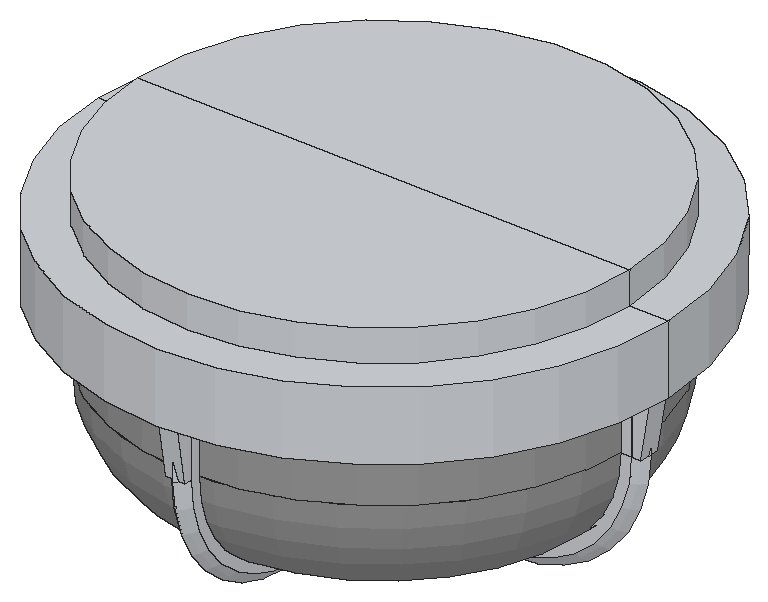
Revit family "O10-S290-X LED 900 AC 830 BL", category Lighting Fixtures, Revit 2016
Family settings
  Part Type = Normal
  Round Connector Dimension = Use Diameter
  OmniClass Number = 23.80.70.00
  OmniClass Title = Lighting
  Work Plane-Based = No
  Always vertical = Yes
  Cut with Voids When Loaded = No
  Light Source = Yes
  Shared = No
  Room Calculation Point = No
Parameters
  Wiring Accessories = ""
  Wattage Comments = ""
  Wattage = 12 W
  VoltageMax = 240 V
  built-in parameter 1150110 = 1 (stored number, unit not read)
  Voltage = 220 V
  UpdateDate = "05.02.2018 18:30:02"
  URL UK = "http://glamox.com/uk/products/O10-S290/items/O10213300"
  URL Sweden = "http://glamox.com/se/produkter/O10-S290/items/O10213300"
  URL Russia = "http://glamox.com/ru/products/O10-S290/items/O10213300"
  URL Other = "http://glamox.com/gsx/products/O10-S290/items/O10213300"
  URL Norway = "http://glamox.com/no/produkter/O10-S290/items/O10213300"
  URL Ireland = "http://glamox.com/ie/products/O10-S290/items/O10213300"
  URL Germany = "http://glamox.com/de/products/O10-S290/items/O10213300"
  URL Finland = "http://glamox.com/fi/products/O10-S290/items/O10213300"
  URL Estonia = "http://glamox.com/ee/products/O10-S290/items/O10213300"
  URL Denmark = "http://glamox.com/dk/produkter/O10-S290/items/O10213300"
  URL = ""
  TypeOfEmergency = ""
  TypeOfBallast = ""
  TotalWattage = 12 W
  Total Load = 12 W
  built-in parameter 1114217 = 1 (stored number, unit not read)
  Top Radius = Radius - 32.5 mm  # 112.5 mm
  Tilt Angle = 90.00°
  Termination = "5x2x2,5 PI"
  built-in parameter 1150109 = 1 (stored number, unit not read)
  built-in parameter 1150134 = (empty or 0)
  built-in parameter 1150113 = 1 (stored number, unit not read)
  Specification = "Outdoor product, in Aluminium, for Surface/Wall mounting, impact classification IK10, IP66, light source LED, lumen out 854lm, ballast type AC, with light source type CRI>80, 3000K, with Polycarbonate diffuser."
  Remark = ""
  RatedVoltage = 220 V
  PowerFactor = 98.00%
  Power Factor = 0.98
  Plug Type = ""
  Photometric Web File = "O10-S290-X-LED-900-830.ies"
  Optic = ""
  Number of Poles = 1
  NominalFrequencyRange = 50 Hz
  ModelReference = "O10-S290"
  ModelLabel = "O10-S290-X LED 900 AC 830 BL"
  Maximum TA = 40
  MaintenanceFactor = 0
  MFArtNo = "O10213300"
  LumDiameter = Diameter  # 290 mm
  Load Classification [instance] = Lighting
  Model = ""
  Manufacturer = "Glamox"
  Lumens = 854 lm
  built-in parameter 1150115 = 1 (stored number, unit not read)
  built-in parameter 1150105 = 67.959 (stored number, unit not read)
  LightFixturePlacingType = "CEILING"
  LightFixtureMountingType = "SURFACE"
  built-in parameter 1150137 = (empty or 0)
  built-in parameter 1150139 = (empty or 0)
  LampBase = ""
  Lamp Wattage Comments = ""
  built-in parameter 1150112 = 1 (stored number, unit not read)
  built-in parameter 1150114 = 1 (stored number, unit not read)
  Lamp = "LED"
  built-in parameter 1150132 = 2
  built-in parameter 1150102 = (empty or 0)
  built-in parameter 1150138 = (empty or 0)
  built-in parameter 1150107 = 3000 (stored number, unit not read)
  built-in parameter 1150106 = 0.67959 (stored number, unit not read)
  IP_Code = "66"
  IPClass = "66"
  IK_Code = ""
  IFC Classification = "Light Fixture"
  Height = 149 mm
  GlobalTradeItemNumber = "4741145295833"
  Glamox Mounting = "Surface"
  Glamox Family = "O10-S290"
  Glamox Category = "Outdoor"
  FrequencyMax = 60 Hz
  Frequency = 50 Hz
  Expired = "0"
  Emit from Circle Diameter = LumDiameter  # 290 mm
  Emit Shape Visible in Rendering = yes
  built-in parameter 1150104 = 6.6116 (stored number, unit not read)
  ELNo Norway = ""
  ELNo Finland = ""
  EANNo = "4741145295833"
  DurationInBatteryMode = ""
  Dimming Lamp Color Temperature Shift = Incandescent Lamp Curve
  Diameter = 290 mm
  Description = "O10-S290-X LED 900 AC 830 BL"
  Cut Out = ""
  Completion = ""
  Color Filter = 16777215
  Radius = Diameter / 2  # 145 mm
  Body Material and Colour = Default
  built-in parameter 1114218 = 1 (stored number, unit not read)
  built-in parameter 1150133 = 10 (stored number, unit not read)
  Assembly Code = ""
  ArticleNumber = "O10213300"
  Apparent Load = Total Load / Power Factor  # 12.2449 VA
  #Ballast = 1
  # ballast on a MCB16 type C fuse = "176"
  # ballast on a MCB16 type B fuse = "130"
Reference planes
  plane 1 "Light Source Axis (F/B)": y = 0.31
  plane 2: z = 0
  plane 3 "Light Source Axis (L/R)": x = 0
  plane 4 "Light Source Elevation": z = -150.079
  plane 5: z = -150.079
  plane 6: x = 145
  plane 7: x = 125
  plane 8: x = 0
  plane 9: y = 0.31
Forms (mm)
  Extrusion 1, solid, material "Default" <- "Body Material and Colour", not visible
    sketch origin (-13.045, 0, -1.079) x (1, 0, 0) y (0, 1, 0)
      loop
        circle (0, 0.31) r 10
    from -1.079 to 0
  Revolve 2, solid
    sketch origin (0, 0, -1.079) x (-1, 0, 0) y (0, 0, -1)
      loop
        arc (-66, 140.079) -> (-107.719, 122.798) -> (-125, 81.079) r 59
        line (-125, 81.079) -> (-125, 51.079) -> (-125, 48.126) -> (-140, 48.126) -> (-140, 51.079) -> (-145, 51.079) -> (-145, 16.079) -> (-125, 16.079) -> (-125, 0) -> (0, 0) -> (0, 140.079) -> (-66, 140.079)
      axis (0, 140.079) -> (0, 0)
    angle from 0 to 360
  Extrusion 3, solid
    sketch origin (0, 0, -1.079) x (-1, 0, 0) y (0, 0, -1)
      loop
        line (-140, 51.079) -> (-125, 51.079) -> (-125, 81.079) -> (-134.828, 81.079) -> (-140, 51.079)
    from -5 to 5
  Extrusion 4, solid
    sketch origin (0, 0, -1.079) x (1, 0, 0) y (0, 0, 1)
      loop
        line (-140, -51.079) -> (-134.916, -81.079) -> (-125, -81.079) -> (-125, -51.079) -> (-140, -51.079)
    from -5 to 5
  Extrusion 5, solid
    sketch origin (0, 0, -1.079) x (0, 1, 0) y (0, 0, -1)
      loop
        line (20.35, 51.079) -> (15.426, 81.079) -> (5.806, 81.079) -> (5.806, 51.079) -> (20.35, 51.079)
    from -5.31 to 4.69
  Extrusion 6, solid
    sketch origin (0, 121.983, -1.079) x (0, -1, 0) y (0, 0, 1)
      loop
        line (259.65, -51.079) -> (244.65, -51.079) -> (244.65, -81.079) -> (254.745, -81.079) -> (259.65, -51.079)
    from -5 to 5
  Sweep 7, solid
    path origin (0, 0, -1.079) x (-1, 0, 0) y (0, 0, -1)
      loop
        line (-130, 51.079) -> (-130, 81.079)
        arc (-130, 81.079) -> (-110.962, 127.041) -> (-65, 146.079) r 65
        line (-65, 146.079) -> (0, 146.079) -> (64.958, 146.079)
        arc (64.958, 146.079) -> (110.92, 127.041) -> (129.958, 81.079) r 65
        line (129.958, 81.079) -> (129.958, 51.079)
    profile origin (110.962, 0, -128.12) x (0.707107, 0, -0.707107) y (0, -1, 0)
      loop
        line (-5.707, 5) -> (-5.707, -5) -> (0, -5)
        arc (0, -5) -> (3.052, -2.976) -> (5.564, -0.31) r 16
        arc (5.564, -0.31) -> (3.133, 2.528) -> (0.33, 5) r 26.787
        line (0.33, 5) -> (-5.707, 5)
  Sweep 8, solid
    path origin (0.31, 121.234, -1.491) x (0, -1, 0) y (0, 0, -1)
      loop
        line (-10.35, 51.079) -> (-10.35, 81.079)
        arc (-10.35, 81.079) -> (8.688, 127.041) -> (54.65, 146.079) r 65
        line (54.65, 146.079) -> (119.65, 146.079) -> (184.608, 146.079)
        arc (184.608, 146.079) -> (230.57, 127.041) -> (249.608, 81.079) r 65
        line (249.608, 81.079) -> (249.608, 50.667)
    profile origin (0.31, 112.546, -128.532) x (0, 0.707107, -0.707107) y (1, 0, 0)
      loop
        line (-5.707, 5) -> (-5.707, -5) -> (0, -5)
        arc (0, -5) -> (3.052, -2.976) -> (5.564, -0.31) r 16
        arc (5.564, -0.31) -> (3.133, 2.528) -> (0.33, 5) r 26.787
        line (0.33, 5) -> (-5.707, 5)
  Extrusion 9, solid
    sketch origin (0, -118.095, -1.079) x (0, 1, 0) y (0, 0, 1)
      loop
        line (259.65, -51.079) -> (244.65, -51.079) -> (244.65, -81.079) -> (254.745, -81.079) -> (259.65, -51.079)
    from -5 to 5
Lines and regions (mm)
  symbolic lines
    curve 1: circle (0, 0.31, -150.079) r 145 normal (0, 0, -1)
    curve 2: line (0, 0.31, -150.079) -> (102.53, 102.841, -150.079)
    curve 3: line (0, 0.31, -150.079) -> (102.53, -102.22, -150.079)
    curve 4: line (0, 0.31, -150.079) -> (-102.53, -102.22, -150.079)
    curve 5: line (0, 0.31, -150.079) -> (-102.53, 102.841, -150.079)
Dimensions and locks
  "Height": plane 5 to level
  "Radius": plane 6 to plane 8
  aligned and locked: plane 1 "Light Source Axis (F/B)" to imposter light
  aligned and locked: plane 4 "Light Source Elevation" to imposter light
  aligned and locked: plane 1 "Light Source Axis (F/B)" to Extrusion 1 sketch curve
  aligned and locked: Revolve 2 sketch curve to Revolve 2 sketch curve
  aligned and locked: Revolve 2 to Extrusion 3 sketch curve
  aligned and locked: Extrusion 4 sketch curve to Revolve 2  (x2)
  aligned and locked: Sweep 7 sketch curve to Sweep 7 sketch curve
  aligned and locked: Extrusion 4 to Sweep 7 sketch curve
  aligned and locked: Sweep 8 sketch curve to Sweep 8 sketch curve
  aligned and locked: Sweep 7 to Extrusion 4
  aligned and locked: Revolve 2 to Revolve 2
  aligned and locked: plane 5 to imposter light
  aligned and locked: plane 6 to Revolve 2
  aligned and locked: plane 7 to Revolve 2
  aligned and locked: plane 3 "Light Source Axis (L/R)" to plane 8
  aligned and locked: level to Revolve 2 sketch curve
  aligned and locked: plane 3 "Light Source Axis (L/R)" to imposter light
  aligned and locked: plane 4 "Light Source Elevation" to plane 5
  aligned and locked: plane 9 to Sweep 7
  aligned and locked: plane 9 to imposter light
Automatic sketch dimensions
  plane 3 "Light Source Axis (L/R)" to Extrusion 3 sketch curve = 140 mm
  Extrusion 3 sketch curve to Extrusion 3 sketch curve = 5.172 mm
  Extrusion 3 sketch curve to Extrusion 3 sketch curve = 9.828 mm
  Extrusion 3 sketch curve to Extrusion 3 sketch curve = 30 mm
  Extrusion 4 sketch curve to Extrusion 4 sketch curve = 5.084 mm
  Extrusion 4 sketch curve to Extrusion 4 sketch curve = 9.916 mm
  Extrusion 4 sketch curve to Extrusion 4 sketch curve = 30 mm
  Extrusion 5 sketch curve to plane 1 "Light Source Axis (F/B)" = 5.495 mm
  Extrusion 5 sketch curve to Extrusion 5 sketch curve = 9.621 mm
  Extrusion 5 sketch curve to Extrusion 5 sketch curve = 14.544 mm
  Extrusion 5 sketch curve to level = 51.079 mm
  Extrusion 5 sketch curve to Extrusion 5 sketch curve = 30 mm
  plane 1 "Light Source Axis (F/B)" to Extrusion 6 sketch curve = 122.977 mm
  Extrusion 6 sketch curve to Extrusion 6 sketch curve = 10.095 mm
  Extrusion 6 sketch curve to Extrusion 6 sketch curve = 15 mm
  Extrusion 6 sketch curve to level = 81.079 mm
  Extrusion 6 sketch curve to Extrusion 6 sketch curve = 30 mm
  Sweep 7 sketch curve to profile plane = 0 mm
  profile plane to Sweep 7 sketch curve = 5.707 mm
  Sweep 7 sketch curve to Sweep 7 sketch curve = 1.552 mm
  Sweep 7 sketch curve to Sweep 7 sketch curve = 10.238 mm
  Sweep 7 sketch curve to profile plane = 0.33 mm
  Sweep 7 sketch curve to profile plane = 16.276 mm
  Sweep 7 sketch curve to profile plane = 5 mm
  profile plane to Sweep 7 sketch curve = 5 mm
  Sweep 7 sketch curve to Sweep 7 sketch curve = 4.259 mm
  Sweep 8 sketch curve to plane 1 "Light Source Axis (F/B)" = 131.274 mm
  Sweep 8 sketch curve to plane 1 "Light Source Axis (F/B)" = 66.274 mm
  Sweep 8 sketch curve to Sweep 8 sketch curve = 65 mm  (x2)
  Sweep 8 sketch curve to Sweep 8 sketch curve = 64.958 mm
  Sweep 8 sketch curve to level = 81.491 mm
  Sweep 8 sketch curve to Sweep 8 sketch curve = 30 mm
  Sweep 8 sketch curve to Sweep 8 sketch curve = 30.412 mm
  Sweep 8 sketch curve to profile plane = 0 mm
  profile plane to Sweep 8 sketch curve = 5.707 mm
  Sweep 8 sketch curve to Sweep 8 sketch curve = 1.552 mm
  Sweep 8 sketch curve to Sweep 8 sketch curve = 10.238 mm
  Sweep 8 sketch curve to profile plane = 0.33 mm
  Sweep 8 sketch curve to profile plane = 16.276 mm
  Sweep 8 sketch curve to profile plane = 5 mm
  profile plane to Sweep 8 sketch curve = 5 mm
  Sweep 8 sketch curve to Sweep 8 sketch curve = 4.259 mm
  Extrusion 1 sketch curve to plane 3 "Light Source Axis (L/R)" = 13.045 mm
  Revolve 2 sketch curve to plane 6 = 0 mm
  plane 7 to Revolve 2 sketch curve = 0 mm
  Revolve 2 sketch curve to plane 7 = 0 mm
  Revolve 2 sketch curve to plane 3 "Light Source Axis (L/R)" = 0 mm  (x2)
  Revolve 2 sketch curve to plane 6 = 5 mm
  Revolve 2 sketch curve to Revolve 2 sketch curve = 59 mm
  Revolve 2 sketch curve to level = 16.079 mm
  Revolve 2 sketch curve to Revolve 2 sketch curve = 32.047 mm
  Revolve 2 sketch curve to Revolve 2 sketch curve = 2.953 mm  (x2)
  Revolve 2 sketch curve to Revolve 2 sketch curve = 30 mm
  plane 2 to Revolve 2 sketch curve = 28.842 mm
  plane 4 "Light Source Elevation" to Revolve 2 sketch curve = 16.079 mm
  Sweep 7 sketch curve to plane 3 "Light Source Axis (L/R)" = 0 mm
  Sweep 7 sketch curve to plane 7 = 60 mm
  plane 7 to Sweep 7 sketch curve = 5 mm
  Sweep 7 sketch curve to plane 3 "Light Source Axis (L/R)" = 64.958 mm
  Sweep 7 sketch curve to plane 4 "Light Source Elevation" = 67.921 mm
  Sweep 7 sketch curve to Sweep 7 sketch curve = 30 mm  (x2)
  Extrusion 9 sketch curve to level = 51.079 mm
  Extrusion 9 sketch curve to plane 1 "Light Source Axis (F/B)" = 126.245 mm
  Extrusion 9 sketch curve to plane 4 "Light Source Elevation" = 67.921 mm
  Extrusion 9 sketch curve to Extrusion 9 sketch curve = 10.095 mm
  Extrusion 9 sketch curve to Extrusion 9 sketch curve = 15 mm
  plane 1 "Light Source Axis (F/B)" to curve 1 = 0 mm
  plane 1 "Light Source Axis (F/B)" to curve 5 = 0 mm
  curve 1 to plane 3 "Light Source Axis (L/R)" = 0 mm
  curve 5 to plane 3 "Light Source Axis (L/R)" = 0 mm
  curve 2 to plane 7 = 22.47 mm
  curve 2 to plane 1 "Light Source Axis (F/B)" = 102.53 mm
  radius of Extrusion 1 sketch curve = 10 mm
Connectors
  electrical at (-13.045, 0.31, -1.079), driven by "Voltage", driven by "Total Load", driven by "Number of Poles", driven by "Load Classification", driven by "Power Factor"
    settings: on Extrusion 1, index 1, voltage 220 V, apparent load 0 VA, apparent load phase1 12 VA, apparent load phase2 0 VA, apparent load phase3 0 VA, power factor 0.98, load classification "Lighting", number of poles 1, system type 31, power factor state 1, is connector primary yes, connector utility no, sub classification motor no, connector description ""
